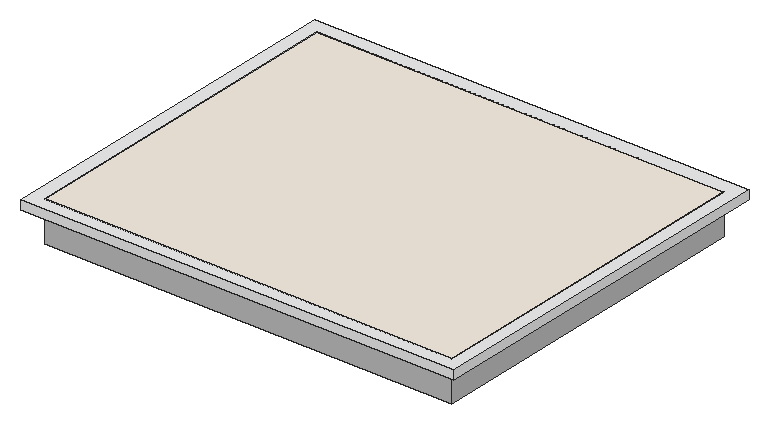
Revit family "Lighting-Industrial-GEWISS-ELIA-HL-LED_HIGHBAY", category Apparecchi per illuminazione, host Superficie, Revit 2019 (continued)
Types (12, lengths in mm): name | Weight (kg): | Weight (kg) | Voltage | Technical sheet | System power | Optic | built-in parameter 1150142 | Lumen output (lm) | Model | IDT | File diagramma fotometrico | Description
    82.10 368.04 \r\n352.58 336.15 319.30 301.89 284.31 265.38 243.66 221.32 \r\n200.77 179.79 156.18 132.16 109.10 87.13 66.39 48.11 \r\n33.80 22.68 14.68 9.30 5.93 4.79 \r\n20514.31 20512.92 20504.56 20493.42 20475.32 20453.04 \r\n20423.80 20393.16 20359.74 20319.36 20274.80 20223.28 \r\n20171.76 20114.66 20056.18 19994.91 19930.85 19864.01 \r\n19791.60 19716.41 19638.43 19553.49 19467.15 19373.85 \r\n19279.16 19177.51 19073.07 18965.85 18853.06 18740.26 \r\n18621.90 18500.76 18375.43 18245.93 18113.64 17979.96 \r\n17843.50 17702.85 17560.82 17416.00 17269.78 17118.00 \r\n16959.26 16787.98 16609.74 16427.32 16236.55 16036.03 \r\n15828.55 15614.10 15395.48 15168.50 14935.95 14696.45 \r\n14445.80 14175.65 13888.80 13589.41 13281.67 12972.53 \r\n12657.83 12336.16 12008.92 11681.68 11360.01 11050.88 \r\n10751.49 10460.46 10176.39 9896.50 9620.78 9345.07 \r\n9070.75 8803.39 8541.59 8278.41 8020.80 7765.97 7518.11 \r\n7278.60 7041.87 6810.72 6586.53 6366.51 6154.85 5951.55 \r\n5751.03 5549.11 5349.98 5156.43 4972.62 4795.77 4624.49 \r\n4454.61 4288.90 4124.59 3967.23 3819.63 3677.59 3539.74 \r\n3408.84 3280.73 3155.41 3035.65 2921.47 2808.67 2702.15 \r\n2597.71 2496.89 2400.39 2307.79 2219.51 2134.28 2050.87 \r\n1970.67 1895.05 1822.78 1752.18 1683.95 1617.67 1554.31 \r\n1494.57 1437.62 1381.78 1328.45 1278.18 1230.55 1185.30 \r\n1141.57 1098.54 1056.63 1016.11 977.81 942.17 908.75 \r\n876.58 845.53 815.59 785.93 756.27 726.47 696.39 667.56 \r\n642.08 618.27 595.71 573.85 552.13 530.26 507.57 485.15 \r\n463.56 443.51 426.94 412.88 402.85 393.38 380.99 367.06 \r\n351.61 335.17 318.05 300.22 282.40 263.41 241.71 219.42 \r\n198.79 177.75 154.30 130.48 107.64 85.95 65.64 47.76 \r\n33.64 22.63 14.66 9.26 5.91 4.76 \r\n20514.31 20512.92 20504.56 20493.42 20475.32 20451.65 \r\n20423.80 20394.56 20359.74 20320.75 20276.19 20226.06 \r\n20173.15 20116.06 20058.96 19997.69 19933.64 19866.80 \r\n19794.39 19719.19 19641.21 19556.27 19469.94 19376.64 \r\n19280.56 19181.69 19077.25 18971.42 18860.02 18744.44 \r\n18628.87 18507.72 18382.39 18252.89 18122.00 17986.92 \r\n17850.46 17711.21 17567.78 17424.35 17275.35 17124.97 \r\n16966.22 16797.73 16620.88 16437.07 16246.30 16047.17 \r\n15838.30 15625.24 15406.62 15181.04 14949.88 14710.37 \r\n14459.72 14190.97 13906.90 13606.12 13296.98 12987.85 \r\n12670.36 12347.30 12018.67 11687.25 11361.41 11052.27 \r\n10750.10 10459.07 10173.61 9893.71 9618.00 9340.89 \r\n9066.57 8799.21 8537.42 8272.84 8015.23 7760.40 7512.54 \r\n7273.03 7036.30 6805.15 6578.17 6359.55 6146.49 5943.19 \r\n5742.67 5540.76 5343.02 5152.25 4969.83 4792.98 4621.71 \r\n4453.22 4287.51 4124.59 3967.23 3821.02 3678.99 3542.52 \r\n3411.63 3283.52 3159.58 3041.22 2924.25 2814.24 2707.16 \r\n2603.28 2503.16 2406.80 2314.34 2225.08 2138.88 2054.63 \r\n1973.73 1897.84 1825.15 1754.41 1685.76 1619.34 1555.70 \r\n1495.96 1438.87 1383.45 1330.39 1279.99 1231.94 1186.69 \r\n1142.69 1099.80 1058.02 1017.36 978.65 942.72 908.88 \r\n876.02 844.97 815.59 786.90 757.24 727.30 696.95 667.70 \r\n642.08 618.41 595.85 573.99 552.13 530.26 507.71 485.56 \r\n463.84 443.93 426.80 412.46 401.88 391.99 379.87 366.09 \r\n350.77 334.20 316.65 298.41 280.39 261.41 239.77 217.52 \r\n196.80 175.71 152.35 128.74 106.15 84.76 64.90 47.43 \r\n33.50 22.58 14.63 9.23 5.87 4.74 \r\n20514.31 20512.92 20504.56 20493.42 20475.32 20451.65 \r\n20425.19 20394.56 20361.14 20322.15 20278.98 20227.45 \r\n20174.54 20118.84 20061.75 20000.48 19935.03 19868.19 \r\n19797.17 19723.37 19644.00 19559.06 19471.33 19380.81 \r\n19284.73 19185.87 19081.43 18975.60 18864.20 18751.40 \r\n18634.44 18513.29 18389.35 18261.25 18128.96 17995.28 \r\n17858.81 17718.17 17574.74 17429.92 17283.71 17130.53 \r\n16973.18 16806.08 16629.24 16446.82 16256.05 16056.92 \r\n15849.44 15636.38 15417.76 15192.18 14961.02 14722.90 \r\n14472.25 14206.29 13923.61 13624.22 13313.69 13000.38 \r\n12682.89 12357.05 12025.63 11692.82 11364.19 11050.88 \r\n10748.71 10456.28 10170.82 9890.93 9613.82 9336.71 \r\n9061.00 8793.64 8529.06 8267.27 8009.66 7754.83 7505.58 \r\n7264.67 7029.34 6796.79 6571.21 6351.19 6138.14 5933.44 \r\n5734.32 5533.80 5337.45 5146.68 4964.26 4788.81 4617.53 \r\n4450.43 4284.72 4124.59 3968.63 3821.02 3680.38 3545.31 \r\n3414.41 3286.30 3163.76 3044.01 2929.82 2818.42 2712.03 \r\n2608.71 2509.15 2413.34 2320.60 2230.78 2143.34 2058.39 \r\n1976.93 1900.48 1827.52 1756.36 1687.57 1620.87 1557.09 \r\n1497.22 1440.12 1384.98 1332.07 1281.66 1233.48 1187.66 \r\n1143.80 1100.91 1059.27 1018.47 979.48 943.14 908.88 \r\n875.60 844.27 815.73 787.88 758.22 728.00 697.22 667.70 \r\n642.22 618.55 595.99 573.99 551.99 529.99 507.71 485.70 \r\n464.26 444.35 426.80 411.90 400.76 390.60 378.48 365.11 \r\n349.94 333.36 315.26 296.74 278.56 259.42 237.85 215.70 \r\n194.84 173.64 150.40 127.00 104.65 83.56 64.17 47.14 \r\n33.39 22.54 14.61 9.19 5.84 4.71 \r\n20514.31 20512.92 20504.56 20492.03 20475.32 20451.65 \r\n20425.19 20395.95 20362.53 20323.54 20278.98 20230.24 \r\n20175.93 20120.23 20063.14 20001.87 19937.81 19870.98 \r\n19798.56 19724.76 19646.78 19561.84 19475.51 19383.60 \r\n19287.52 19190.04 19085.60 18979.78 18871.16 18756.98 \r\n18641.40 18520.25 18397.71 18268.21 18135.92 18000.85 \r\n17864.38 17723.74 17581.70 17436.89 17289.28 17137.50 \r\n16981.54 16813.05 16637.59 16455.17 16265.79 16065.27 \r\n15859.18 15646.13 15427.51 15203.32 14972.16 14734.04 \r\n14486.18 14220.21 13940.32 13639.54 13329.01 13014.31 \r\n12695.42 12366.79 12033.99 11697.00 11365.59 11049.49 \r\n10745.92 10453.50 10168.04 9888.14 9608.25 9329.75 \r\n9055.43 8788.07 8522.10 8258.92 8001.31 7747.87 7500.01 \r\n7259.10 7023.77 6791.22 6562.85 6342.84 6129.78 5925.09 \r\n5725.96 5526.83 5330.49 5142.50 4961.48 4786.02 4613.35 \r\n4446.25 4283.33 4123.19 3968.63 3822.41 3681.77 3545.31 \r\n3415.80 3287.69 3166.55 3048.18 2934.00 2822.60 2716.49 \r\n2614.00 2514.99 2419.61 2326.73 2236.08 2147.65 2062.01 \r\n1979.72 1902.99 1829.75 1758.17 1689.10 1622.26 1558.21 \r\n1498.33 1441.24 1386.37 1333.60 1282.91 1234.59 1188.64 \r\n1144.63 1101.89 1060.25 1019.45 980.04 943.42 908.75 \r\n875.05 843.44 815.73 788.57 758.91 728.56 697.50 667.84 \r\n642.22 618.55 595.99 573.99 551.71 529.71 507.71 485.98 \r\n464.54 444.49 426.80 411.34 399.51 388.79 377.09 364.00 \r\n348.96 332.53 314.15 294.93 276.59 257.43 235.99 213.94 \r\n192.94 171.60 148.45 125.27 103.16 82.41 63.46 46.82 \r\n33.28 22.50 14.58 9.15 5.80 4.68 \r\n20514.31 20511.53 20504.56 20492.03 20475.32 20451.65 \r\n20425.19 20395.95 20362.53 20324.93 20280.37 20231.63 \r\n20178.72 20123.02 20065.92 20003.26 19939.21 19870.98 \r\n19799.96 19727.55 19648.17 19564.63 19478.29 19387.78 \r\n19291.70 19192.83 19091.17 18983.95 18875.34 18762.55 \r\n18646.97 18527.21 18403.28 18275.17 18142.88 18009.20 \r\n17869.95 17730.70 17587.28 17442.45 17294.85 17144.46 \r\n16988.50 16821.40 16645.95 16464.92 16274.15 16075.02 \r\n15867.54 15657.27 15438.65 15213.06 14983.30 14745.18 \r\n14497.32 14234.14 13954.24 13653.46 13342.94 13026.84 \r\n12705.17 12375.15 12040.95 11699.79 11365.59 11049.49 \r\n10743.14 10449.32 10163.86 9881.18 9602.68 9324.18 \r\n9048.47 8779.71 8512.35 8251.95 7992.95 7739.51 7493.04 \r\n7252.14 7018.20 6784.26 6555.89 6334.48 6120.04 5916.73 \r\n5717.61 5519.87 5323.53 5136.93 4957.30 4780.45 4607.78 \r\n4442.07 4280.55 4120.41 3968.63 3822.41 3681.77 3545.31 \r\n3415.80 3290.48 3167.94 3050.97 2936.78 2826.78 2720.53 \r\n2618.60 2520.29 2425.18 2332.44 2240.95 2151.69 2065.22 \r\n1982.50 1905.22 1831.42 1759.56 1690.22 1623.10 1558.90 \r\n1498.89 1441.79 1387.35 1334.99 1284.16 1235.57 1189.33 \r\n1145.19 1102.58 1061.22 1020.15 980.60 943.42 908.33 \r\n874.21 842.60 815.59 789.13 759.61 729.11 697.78 667.84 \r\n642.08 618.41 595.85 573.71 551.43 529.43 507.43 486.12 \r\n464.82 444.63 426.52 410.51 398.26 387.39 375.42 362.75 \r\n348.13 331.69 312.76 293.26 274.64 255.47 234.18 212.27 \r\n191.12 169.62 146.57 123.57 101.71 81.25 62.77 46.55 \r\n33.17 22.46 14.56 9.11 5.77 4.65 \r\n20514.31 20511.53 20504.56 20492.03 20475.32 20453.04 \r\n20426.58 20397.34 20363.92 20326.32 20281.76 20233.03 \r\n20180.11 20124.41 20065.92 20006.05 19940.60 19872.37 \r\n19802.74 19727.55 19650.96 19567.41 19481.08 19390.56 \r\n19294.48 19197.01 19096.75 18990.92 18880.91 18768.12 \r\n18651.15 18532.78 18408.85 18280.74 18149.85 18014.77 \r\n17876.92 17736.27 17594.24 17448.03 17300.42 17151.42 \r\n16994.07 16828.36 16654.30 16471.88 16281.11 16083.38 \r\n15877.29 15665.63 15447.00 15222.81 14993.05 14754.93 \r\n14508.46 14246.67 13968.17 13668.78 13355.47 13037.98 \r\n12714.92 12383.50 12046.52 11703.96 11365.59 11046.70 \r\n10738.96 10446.54 10159.68 9877.00 9597.11 9317.22 \r\n9041.50 8769.97 8504.00 8240.82 7983.20 7732.55 7484.69 \r\n7245.18 7011.24 6777.30 6550.32 6326.13 6113.08 5909.77 \r\n5710.64 5511.52 5317.96 5132.76 4953.12 4776.28 4602.21 \r\n4436.51 4274.98 4117.62 3965.84 3819.63 3680.38 3545.31 \r\n3415.80 3290.48 3170.72 3052.36 2939.57 2829.56 2723.59 \r\n2622.36 2524.74 2429.77 2337.03 2244.99 2154.89 2067.86 \r\n1984.45 1906.61 1832.53 1760.54 1690.91 1623.52 1559.32 \r\n1499.17 1442.21 1388.04 1335.83 1285.00 1236.12 1189.61 \r\n1145.33 1103.00 1061.64 1020.56 980.74 943.28 907.63 \r\n873.10 841.49 815.03 789.41 760.03 729.25 698.06 667.98 \r\n642.22 618.27 595.43 573.29 551.01 528.73 507.29 485.98 \r\n464.96 444.76 426.24 409.81 397.00 385.72 374.03 361.49 \r\n347.29 331.00 311.64 291.45 272.74 253.56 232.45 210.69 \r\n189.38 167.71 144.75 121.94 100.32 80.18 62.11 46.29 \r\n33.07 22.41 14.53 9.07 5.73 4.62 \r\n20514.31 20511.53 20504.56 20492.03 20475.32 20453.04 \r\n20426.58 20397.34 20363.92 20327.72 20284.55 20234.42 \r\n20181.50 20125.80 20068.71 20006.05 19941.99 19875.15 \r\n19802.74 19728.94 19650.96 19570.20 19483.86 19391.95 \r\n19298.66 19201.18 19099.53 18995.09 18886.48 18773.69 \r\n18656.72 18538.35 18415.81 18287.70 18156.81 18020.34 \r\n17882.49 17741.84 17598.42 17453.60 17305.99 17155.60 \r\n17001.03 16833.93 16661.26 16480.24 16289.47 16091.73 \r\n15885.64 15672.59 15455.36 15232.56 15002.80 14766.07 \r\n14518.20 14257.81 13980.70 13681.31 13368.00 13049.12 \r\n12723.27 12390.47 12050.69 11706.75 11366.98 11043.92 \r\n10736.18 10439.57 10154.11 9870.04 9588.76 9310.26 \r\n9033.15 8761.61 8494.25 8232.46 7974.85 7722.81 7477.73 \r\n7239.61 7002.88 6771.73 6543.36 6320.56 6104.72 5901.42 \r\n5705.07 5505.94 5310.99 5127.19 4947.55 4770.71 4598.03 \r\n4430.94 4270.80 4113.44 3961.66 3816.84 3677.59 3543.91 \r\n3414.41 3289.09 3170.72 3053.75 2940.96 2830.95 2725.54 \r\n2625.00 2527.94 2433.39 2340.65 2247.91 2157.40 2069.67 \r\n1985.84 1907.73 1833.09 1760.82 1691.05 1623.52 1559.04 \r\n1498.89 1442.07 1388.18 1336.24 1285.42 1236.40 1189.75 \r\n1145.19 1102.86 1061.92 1020.56 980.60 942.72 906.66 \r\n871.98 840.23 814.61 789.69 760.17 729.25 697.92 667.98 \r\n642.08 617.99 595.02 572.74 550.32 528.18 506.73 485.84 \r\n464.96 444.63 425.83 408.70 395.75 384.05 372.49 360.24 \r\n346.31 330.16 310.39 289.78 270.88 251.72 230.81 209.24 \r\n187.79 165.96 143.05 120.41 99.01 79.16 61.49 46.04 32.96 \r\n22.36 14.50 9.03 5.70 4.59 \r\n20514.31 20511.53 20504.56 20492.03 20475.32 20453.04 \r\n20426.58 20397.34 20366.70 20329.11 20285.94 20235.81 \r\n20182.90 20128.59 20070.10 20008.83 19943.39 19875.15 \r\n19804.14 19731.73 19653.75 19571.59 19485.25 19394.74 \r\n19301.44 19203.97 19103.71 18999.27 18892.05 18779.26 \r\n18662.28 18543.92 18421.38 18293.27 18160.99 18025.91 \r\n17888.06 17747.41 17603.99 17459.17 17310.17 17161.17 \r\n17006.60 16840.90 16668.23 16487.20 16296.43 16098.69 \r\n15892.60 15680.94 15463.71 15239.52 15011.15 14774.43 \r\n14527.95 14268.95 13991.84 13692.45 13379.14 13058.86 \r\n12731.63 12396.04 12056.26 11708.14 11366.98 11042.53 \r\n10732.00 10435.40 10148.54 9864.47 9583.19 9301.90 \r\n9024.79 8751.86 8484.50 8222.71 7965.10 7714.45 7469.37 \r\n7231.25 6997.31 6764.77 6537.79 6313.60 6099.15 5894.45 \r\n5698.11 5498.98 5305.43 5123.01 4943.38 4765.14 4589.68 \r\n4423.97 4263.84 4107.88 3957.49 3814.06 3674.81 3539.74 \r\n3411.63 3287.69 3167.94 3053.75 2939.57 2830.95 2726.38 \r\n2626.53 2529.89 2435.48 2342.74 2249.72 2158.65 2070.65 \r\n1986.40 1907.73 1832.95 1760.40 1690.50 1622.82 1558.21 \r\n1498.05 1441.38 1387.90 1336.24 1285.14 1235.98 1189.06 \r\n1144.50 1102.44 1061.36 1020.15 980.04 941.75 905.40 \r\n870.59 838.84 813.78 789.41 759.89 728.83 697.78 667.84 \r\n641.66 617.43 594.46 572.04 549.48 527.20 506.17 485.56 \r\n464.68 444.49 424.99 407.72 394.36 382.52 370.96 358.99 \r\n345.20 329.33 309.27 288.11 269.10 249.97 229.28 207.90 \r\n186.33 164.34 141.49 119.00 97.81 78.24 60.94 45.80 32.86 \r\n22.31 14.46 8.99 5.67 4.56 \r\n20514.31 20511.53 20504.56 20492.03 20475.32 20453.04 \r\n20427.98 20398.73 20366.70 20329.11 20285.94 20237.20 \r\n20185.68 20128.59 20071.50 20008.83 19944.78 19876.55 \r\n19805.53 19731.73 19653.75 19574.37 19488.04 19398.92 \r\n19305.62 19209.54 19109.28 19006.23 18897.62 18784.83 \r\n18669.25 18549.49 18425.56 18298.84 18165.16 18031.48 \r\n17892.23 17751.59 17609.56 17464.74 17317.13 17165.35 \r\n17010.78 16846.47 16673.80 16492.77 16304.78 16107.05 \r\n15900.96 15689.30 15470.68 15246.48 15016.72 14781.39 \r\n14533.52 14273.13 13997.41 13698.02 13384.71 13064.44 \r\n12735.81 12400.21 12059.05 11712.32 11366.98 11041.13 \r\n10729.21 10431.22 10141.58 9857.51 9574.83 9292.15 \r\n9013.65 8739.33 8471.97 8210.18 7955.35 7704.70 7461.01 \r\n7224.29 6991.74 6760.59 6533.61 6312.20 6096.37 5891.67 \r\n5693.93 5496.20 5301.25 5116.05 4935.02 4755.39 4581.32 \r\n4412.83 4249.91 4092.56 3942.17 3797.35 3660.88 3527.20 \r\n3399.09 3275.16 3156.80 3041.22 2929.82 2821.20 2717.19 \r\n2617.48 2520.98 2426.43 2333.55 2241.09 2150.72 2063.41 \r\n1979.86 1901.46 1826.68 1754.27 1684.65 1616.83 1552.08 \r\n1492.48 1436.22 1383.03 1331.65 1280.82 1231.39 1184.74 \r\n1140.32 1098.13 1057.05 1016.11 976.00 937.43 901.09 \r\n866.83 835.78 810.99 786.90 757.24 726.33 696.11 667.01 \r\n640.27 615.35 592.23 569.95 547.39 525.25 504.36 483.75 \r\n462.87 442.54 423.18 405.64 392.96 381.55 369.43 356.62 \r\n343.25 327.93 307.74 286.30 267.36 248.42 228.08 207.05 \r\n185.56 163.58 140.70 118.21 97.17 77.77 60.59 45.55 32.67 \r\n22.17 14.38 8.96 5.65 4.55 \r\n20514.31 20511.53 20504.56 20492.03 20475.32 20453.04 \r\n20427.98 20398.73 20368.10 20330.50 20287.33 20238.60 \r\n20185.68 20129.98 20071.50 20010.23 19944.78 19876.55 \r\n19806.92 19733.12 19655.14 19575.76 19492.22 19401.70 \r\n19308.40 19213.72 19114.85 19010.41 18901.80 18790.40 \r\n18673.42 18553.67 18431.13 18303.02 18170.73 18034.27 \r\n17897.80 17755.77 17613.73 17467.52 17321.31 17170.92 \r\n17013.56 16850.64 16679.37 16501.13 16311.75 16114.01 \r\n15907.92 15696.26 15477.64 15253.45 15023.68 14785.57 \r\n14537.70 14277.30 14000.19 13702.20 13390.28 13068.61 \r\n12739.98 12404.39 12061.84 11712.32 11368.37 11039.74 \r\n10725.04 10425.65 10134.61 9849.15 9566.48 9283.80 \r\n9003.91 8728.19 8459.44 8199.04 7944.21 7694.96 7452.66 \r\n7217.33 6986.17 6755.02 6530.83 6309.42 6094.97 5891.67 \r\n5691.15 5493.41 5298.46 5110.48 4926.66 4747.03 4570.19 \r\n4398.91 4233.20 4075.85 3925.46 3783.42 3645.57 3513.28 \r\n3385.17 3262.63 3144.27 3028.69 2917.29 2811.46 2707.02 \r\n2607.46 2510.68 2415.85 2322.97 2231.34 2141.94 2055.47 \r\n1972.62 1894.50 1819.72 1747.59 1678.10 1610.29 1545.68 \r\n1486.35 1430.52 1377.60 1326.63 1275.81 1226.65 1180.28 \r\n1135.86 1093.39 1052.45 1011.51 971.55 932.84 896.35 \r\n862.93 832.58 808.21 784.12 754.18 723.40 694.30 666.03 \r\n638.60 612.84 589.72 567.72 545.30 523.16 502.55 482.08 \r\n461.06 440.73 421.09 403.55 391.43 380.71 367.76 354.25 \r\n341.44 326.40 306.21 284.63 265.73 246.99 227.01 206.33 \r\n184.95 162.98 140.07 117.54 96.64 77.41 60.30 45.31 32.47 \r\n22.02 14.29 8.92 5.64 4.54 \r\n20514.31 20511.53 20504.56 20492.03 20475.32 20453.04 \r\n20427.98 20400.13 20368.10 20330.50 20287.33 20238.60 \r\n20187.07 20131.37 20072.89 20010.23 19944.78 19876.55 \r\n19805.53 19733.12 19656.53 19578.55 19495.00 19404.49 \r\n19313.98 19217.89 19117.63 19015.98 18907.37 18794.57 \r\n18677.60 18559.24 18435.31 18305.81 18174.91 18038.45 \r\n17900.59 17759.95 17617.91 17473.09 17325.49 17173.70 \r\n17019.14 16854.82 16684.94 16506.70 16317.32 16120.97 \r\n15916.28 15703.22 15481.82 15259.01 15027.86 14791.14 \r\n14541.88 14280.09 14002.98 13704.99 13394.46 13072.79 \r\n12742.77 12405.78 12064.62 11715.10 11366.98 11038.35 \r\n10722.25 10421.47 10129.05 9840.80 9558.12 9275.44 \r\n8994.16 8718.44 8448.30 8186.51 7934.47 7686.60 7445.70 \r\n7210.36 6979.2
